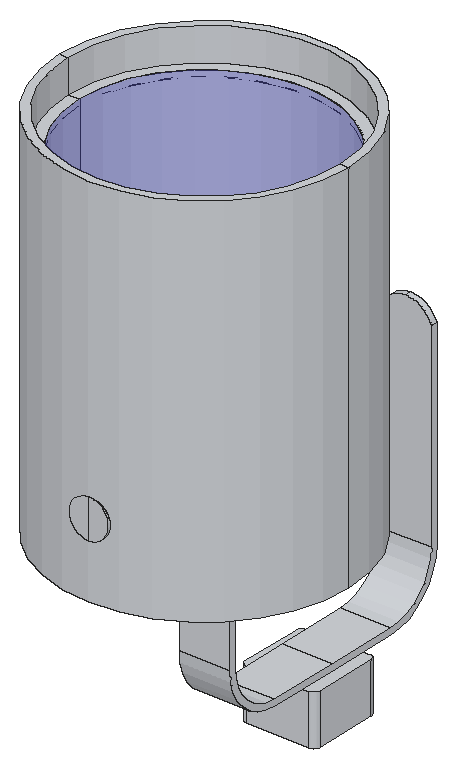
Revit family "Alcon-13340_MD_Revit FAMILY_", category Generic Models, host Face, Revit 2025
Family settings
  Host = Face
  Can host rebar = No
  Round Connector Dimension = Use Diameter
  Part Type = Normal
  Cut with Voids When Loaded = No
  Maintain Annotation Orientation = No
  Shared = No
  Room Calculation Point = No
Parameters
  URL = "https://www.alconlighting.com/?srsltid=AfmBOooDPhGQ0dEP-X2PMtxFfvvWpIAEL4jCll_O2F4_to5onvhnBomy"
  Product Page URL = "https://www.alconlighting.com/13340-sm.html"
  Model = "13340"
  Manufacturer = "ALCON Lighter"
  Fixture Rotation = 90.00°
  Default Elevation = 4' - 0"
Reference planes (in)
  plane 1 "Center (Front/Back)": y = 0
  plane 2: z = 0
  plane 3 "Center (Left/Right)": x = 0
  plane 4: z = 2.96166
Forms (in)
  Extrusion 1, solid
    sketch origin (0.03835, 0, 2.21166) x (0, -1, 0) y (0, 0, -1)
      loop
        line (0, 1.64916) -> (0.72361, 1.64916)
        arc (0.72361, 1.64916) -> (1.07716, 1.50272) -> (1.22361, 1.14916) r 0.5
        line (1.22361, 1.14916) -> (1.22361, -1.04381) -> (1.28611, -1.04381) -> (1.28611, 1.14824)
        arc (1.28611, 1.14824) -> (1.12109, 1.54664) -> (0.72269, 1.71166) r 0.56342
        line (0.72269, 1.71166) -> (0, 1.71166) -> (-0.72219, 1.71166)
        arc (-0.72219, 1.71166) -> (-1.12059, 1.54664) -> (-1.28561, 1.14824) r 0.56342
        line (-1.28561, 1.14824) -> (-1.28561, -1.04381) -> (-1.22311, -1.04381) -> (-1.22311, 1.14916)
        arc (-1.22311, 1.14916) -> (-1.07666, 1.50272) -> (-0.72311, 1.64916) r 0.5
        line (-0.72311, 1.64916) -> (0, 1.64916)
    from -0.28835 to 0.21165
  Extrusion 2, solid
    sketch origin (0, 0, 0.5) x (0, 1, 0) y (1, 0, 0)
      loop
        arc (-0.375, -0.3125) -> (-0.35669, -0.35669) -> (-0.3125, -0.375) r 0.0625
        line (-0.3125, -0.375) -> (0.3125, -0.375)
        arc (0.3125, -0.375) -> (0.35669, -0.35669) -> (0.375, -0.3125) r 0.0625
        line (0.375, -0.3125) -> (0.375, 0.3125)
        arc (0.375, 0.3125) -> (0.35669, 0.35669) -> (0.3125, 0.375) r 0.0625
        line (0.3125, 0.375) -> (-0.3125, 0.375)
        arc (-0.3125, 0.375) -> (-0.35669, 0.35669) -> (-0.375, 0.3125) r 0.0625
        line (-0.375, 0.3125) -> (-0.375, -0.3125)
    from 0 to 0.5
  Extrusion 3, void
    sketch origin (0, 0, 0) x (1, 0, 0) y (0, 0, 1)
      loop
        line (-0.32875, 3.3125) -> (-0.32875, 0.32939) -> (-0.26003, 0.32939) -> (-0.26003, 2.96166)
        arc (-0.26003, 2.96166) -> (-0.18387, 3.14553) -> (0, 3.22169) r 0.26003
        arc (0, 3.22169) -> (0.18387, 3.14553) -> (0.26003, 2.96166) r 0.26003
        line (0.26003, 2.96166) -> (0.26003, 0.32939) -> (0.35969, 0.32939) -> (0.35969, 3.3125) -> (-0.32875, 3.3125)
    from -6.21513 to 12
Cuts and joins
  Extrusion 3 cuts Extrusion 1
Dimensions and locks (in)
  "Fixture Rotation": angle nested 1 to plane 4
  aligned and locked: plane 2 to host face
  aligned and locked: level to host face
Automatic sketch dimensions
  host sketch curve to host sketch curve = 8' - 0"  (x2)
  Extrusion 1 sketch curve to plane 1 "Center (Front/Back)" = 0' - 0"  (x2)
  Extrusion 1 sketch curve to plane 1 "Center (Front/Back)" = 0' - 0.72219"
  Extrusion 1 sketch curve to Extrusion 1 sketch curve = 0' - 0.00092"  (x3)
  Extrusion 1 sketch curve to Extrusion 1 sketch curve = 0' - 0 1/2"
  Extrusion 1 sketch curve to Extrusion 1 sketch curve = 0' - 0 1/16"  (x2)
  plane 1 "Center (Front/Back)" to Extrusion 1 sketch curve = 0' - 0.72269"
  Extrusion 1 sketch curve to plane 4 = 0' - 0.29381"  (x2)
  plane 1 "Center (Front/Back)" to Extrusion 1 sketch curve = 0' - 1.22361"
  level to Extrusion 1 sketch curve = 0' - 1.06342"
  plane 1 "Center (Front/Back)" to Extrusion 2 sketch curve = 0' - 0 3/8"
  Extrusion 2 sketch curve to Extrusion 2 sketch curve = 0' - 0 1/16"  (x3)
  Extrusion 2 sketch curve to plane 1 "Center (Front/Back)" = 0' - 0 5/16"  (x2)
  plane 3 "Center (Left/Right)" to Extrusion 2 sketch curve = 0' - 0 3/8"
  Extrusion 2 sketch curve to plane 3 "Center (Left/Right)" = 0' - 0 5/16"
  Extrusion 3 sketch curve to Extrusion 3 sketch curve = 0' - 0"  (x2)
  Extrusion 3 sketch curve to plane 4 = 0' - 0"
  Extrusion 3 sketch curve to plane 3 "Center (Left/Right)" = 0' - 0"
  Extrusion 3 sketch curve to plane 3 "Center (Left/Right)" = 0' - 0.26003"
  Extrusion 3 sketch curve to plane 3 "Center (Left/Right)" = 0' - 0.32875"
  plane 3 "Center (Left/Right)" to Extrusion 3 sketch curve = 0' - 0.35969"
  level to Extrusion 3 sketch curve = 0' - 0.32939"  (x2)
  Extrusion 3 sketch curve to Extrusion 3 sketch curve = 0' - 0.09081"
Nested families (in)
  nested 1: "Alcon-13340_CYLINDER_MD" at (0, -1.28611, 2.96166) x (0, 0, -1) z (0, -1, 0), type "Alcon-13340_CYLINDER_MD"
    with built-in parameter 1001306 0.14583 (stored number, unit not read)
Definition of nested family "Alcon-13340_CYLINDER_MD"
  Parameters (values of type "Alcon-13340_CYLINDER_MD")
    Wattage = 9.2903 W
    built-in parameter 1150110 = 1 (stored number, unit not read)
    built-in parameter 1114217 = 1 (stored number, unit not read)
    Tilt Angle = 60.00°
    built-in parameter 1150109 = 1 (stored number, unit not read)
    built-in parameter 1150134 = 3
    built-in parameter 1150113 = 1 (stored number, unit not read)
    built-in parameter 1010507 = 1.5708 (stored number, unit not read)
    built-in parameter 1010506 = 0.5236 (stored number, unit not read)
    built-in parameter 1150105 = 4614.1 (stored number, unit not read)
    Lumens = 1380 lm
    built-in parameter 1150115 = 1 (stored number, unit not read)
    Light Source Symbol Length = 10' - 0"
    built-in parameter 1150137 = (empty or 0)
    built-in parameter 1150139 = (empty or 0)
    built-in parameter 1001306 [instance] = 4' - 0"
    built-in parameter 1150112 = 1 (stored number, unit not read)
    built-in parameter 1150114 = 1 (stored number, unit not read)
    built-in parameter 1150132 = (empty or 0)
    built-in parameter 1150102 = (empty or 0)
    built-in parameter 1150107 = 3200 (stored number, unit not read)
    built-in parameter 1150138 = (empty or 0)
    built-in parameter 1150106 = 46.141 (stored number, unit not read)
    Glass Lens = none
    built-in parameter 1150104 = 13.8 (stored number, unit not read)
    Dimming Lamp Color Temperature Shift = (empty or 0)
    Default Elevation = 0' - 0"
    Color Filter = 16777215
    built-in parameter 1114218 = 1 (stored number, unit not read)
    built-in parameter 1150133 = 10 (stored number, unit not read)
  Reference planes (in)
    plane 1 "Center (Front/Back)": y = 0
    plane 2: z = 0
    plane 3 "Left": x = 0
    plane 4 "Right": x = 48
  Forms (in)
    Revolve 1, solid
      sketch origin (0.745, 0, 0) x (0, 1, 0) y (-1, 0, 0)
        loop
          line (1.4375, 0) -> (1.4375, 3.75) -> (1.3575, 3.75) -> (1.3575, 3.41797) -> (1.24496, 3.41797) -> (1.24496, 0.19913) -> (0, 0.19913) -> (0, 0) -> (1.4375, 0)
        axis (0, 0) -> (0, 3.75)
      angle from 0 to 360
    Extrusion 2, solid, material <- "Glass Lens"
      sketch origin (-2.66246, 1.17, 0) x (0, -1, 0) y (0, 0, -1)
        loop
          circle (1.17, 0) r 1.24496
      from -0.01051 to 0.05307
    Extrusion 3, solid
      sketch origin (0, 0, 0) x (1, 0, 0) y (0, 1, 0)
        loop
          circle (0, 0) r 0.21706
      from -1.22415 to 1.22361
    Revolve 4, solid
      sketch origin (0, 0, 0) x (1, 0, 0) y (0, 0, 1)
        loop
          line (-0.08431, 1.22361) -> (0, 1.22361) -> (0, 1.43841) -> (-0.194, 1.43841) -> (-0.194, 1.35666) -> (-0.08431, 1.35666) -> (-0.08431, 1.22361)
        axis (0, 1.43841) -> (0, 1.22361)
      angle from 0 to 360
    Revolve 5, solid
      sketch origin (0, 0, 0) x (1, 0, 0) y (0, 0, 1)
        loop
          line (-0.08431, -1.22361) -> (-0.08431, -1.34434) -> (-0.16093, -1.34434) -> (-0.16093, -1.41379) -> (0, -1.41379) -> (0, -1.22361) -> (-0.08431, -1.22361)
        axis (0, -1.41379) -> (0, -1.22361)
      angle from 0 to 360
  Lines and regions (in)
    reference lines
      curve 1: line (0, 0, 0) -> (48, 0, 0)
    model lines
      curve 2: line (0, 0, 0) -> (-6.37585, 0, 0)
  Dimensions and locks (in)
    "built-in parameter 1001306": plane 3 "Left" to plane 4 "Right"
    aligned and locked: plane 4 "Right" to curve 1
    aligned and locked: plane 1 "Center (Front/Back)" to curve 1
    aligned and locked: plane 3 "Left" to curve 1
    aligned and locked: level to plane 2
  Automatic sketch dimensions
    curve 2 to level = 0' - 0"
    curve 2 to plane 3 "Left" = 0' - 0"
    curve 2 to plane 3 "Left" = 0' - 6.37585"
    plane 1 "Center (Front/Back)" to Extrusion 3 sketch curve = 0' - 0"
    Extrusion 3 sketch curve to plane 3 "Left" = 0' - 0"
    Revolve 5 sketch curve to plane 3 "Left" = 0' - 0"  (x2)
    Revolve 5 sketch curve to plane 3 "Left" = 0' - 0.08431"
    Revolve 5 sketch curve to Revolve 5 sketch curve = 0' - 0.07662"
    Revolve 5 sketch curve to level = 0' - 1.41379"
    Revolve 5 sketch curve to Revolve 5 sketch curve = 0' - 0.06945"
    Revolve 5 sketch curve to Revolve 5 sketch curve = 0' - 0.12073"
    Revolve 5 sketch curve to Revolve 5 sketch curve = 0' - 0.05713"
    Revolve 5 sketch curve to Revolve 5 sketch curve = 0' - 0"
    Revolve 4 sketch curve to plane 3 "Left" = 0' - 0"  (x2)
    Revolve 4 sketch curve to Revolve 4 sketch curve = 0' - 0.08431"
    Revolve 4 sketch curve to Revolve 4 sketch curve = 0' - 0.10969"
    level to Revolve 4 sketch curve = 0' - 1.22361"
    Revolve 4 sketch curve to Revolve 4 sketch curve = 0' - 0.13305"
    Revolve 4 sketch curve to Revolve 4 sketch curve = 0' - 0.08175"  (x2)
    Revolve 4 sketch curve to Revolve 4 sketch curve = 0' - 0"
    plane 1 "Center (Front/Back)" to Revolve 1 sketch curve = 0' - 0"  (x2)
    Revolve 1 sketch curve to plane 1 "Center (Front/Back)" = 0' - 1.24496"
    Revolve 1 sketch curve to Revolve 1 sketch curve = 0' - 0.11254"
    Revolve 1 sketch curve to Revolve 1 sketch curve = 0' - 0.08"
    plane 3 "Left" to Revolve 1 sketch curve = 0' - 0.745"
    Revolve 1 sketch curve to Revolve 1 sketch curve = 0' - 0.19913"
    Revolve 1 sketch curve to plane 3 "Left" = 0' - 2.67297"
    Revolve 1 sketch curve to Revolve 1 sketch curve = 0' - 0 85/256"
    Revolve 1 sketch curve to Revolve 1 sketch curve = 0' - 0"
    Revolve 1 sketch curve to Revolve 1 sketch curve = 0' - 0.84845"
    Extrusion 2 sketch curve to plane 1 "Center (Front/Back)" = 0' - 0"
    Extrusion 2 sketch curve to Extrusion 2 sketch curve = 0' - 0"
    Extrusion 2 sketch curve to level = 0' - 0"
    Extrusion 2 sketch curve to Extrusion 2 sketch curve = 0' - 1.24496"
    radius of Extrusion 3 sketch curve = 0' - 0.21706"
